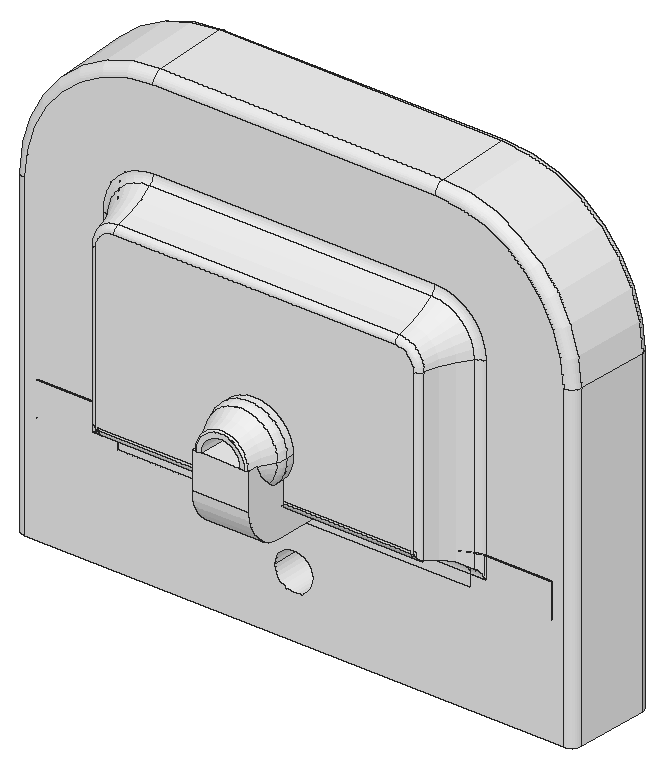
Revit family "Basin-Wallmount-Rectangle-DXV-Equility-D20175001", category Plumbing Fixtures, host Face, Revit 2014
Parameters (values of type "D20175001")
  Width = 22"  # constant formula
  Warranty Documentation Link = "https://www.dxv.com/-/media/files/dxv/warranty/dxv_warranty_booklet.ashx"
  WFU = 2  # constant formula
  Vent Connection = no
  URL = "http://www.dxv.com/"
  Type Comments = ""
  Product Page URL = "https://www.dxv.com/product/equility-22-inch-single-hole-wall-hung-bathroom-sink-projects-model"
  Product Documentation Link = "https://dxv01.blob.core.windows.net/dxv-product-pdf-files/7302072-100_DXV_Equility_wh_lav_D20075_WEB_EN.pdf"
  Price = "Prices may vary. Please consult Manufacturer Representative for most up-to-date price list."  # constant formula
  Model = "D20175001"
  Material = "Porcelain-DXV-Canvas White"
  HWFU = 1.5  # constant formula
  Finish = Porcelain-DXV-Canvas White
  Manufacturer = "DVX"  # constant formula
  Length = 18"  # constant formula
  Installation Type = "Wall Mounted"  # constant formula
  Height = 7 1/16"  # constant formula
  Description = "Equility Wall-Hung Bathroom Sink"  # constant formula
  Default Elevation = 34"  # constant formula
  Creation Date = "12/24/2018"  # constant formula
  CWFU = 1.5  # constant formula
  Assembly Code = "D2010310"
Reference planes (in)
  plane 1 "Center (Front/Back)": y = 0
  plane 2: z = 0
  plane 3 "Center (Left/Right)": x = 0
  plane 4: x = 11
  plane 5: z = 18
  plane 6: x = -11
  plane 7: y = -7.0625
  plane 8: z = 16.80982
  plane 9: z = 4.43482
  plane 10: z = 2.4375
  plane 11: z = 7.875
  plane 12: x = -9.875
  plane 13: x = 9.875
Forms (in)
  Sweep 1, solid, material "Porcelain-DXV-Canvas White" <- "Finish"
    path origin (0, 0, 0) x (1, 0, 0) y (0, 0, 1)
      loop
        line (11, 0) -> (11, 12.5)
        arc (11, 12.5) -> (9.38909, 16.38909) -> (5.5, 18) r 5.5
        line (5.5, 18) -> (-5.5, 18)
        arc (-5.5, 18) -> (-9.38909, 16.38909) -> (-11, 12.5) r 5.5
        line (-11, 12.5) -> (-11, 0)
    profile origin (-11, 0, 6.25) x (0, -1, 0) y (1, 0, 0)
      loop
        line (3.48297, 0.56012) -> (0, 0.56012) -> (0, 0.25888)
        arc (0, 0.25888) -> (0.07634, 0.07905) -> (0.25872, 0.00903) r 0.25
        line (0.25872, 0.00903) -> (3.09394, 0.10804)
        arc (3.09394, 0.10804) -> (3.36984, 0.23088) -> (3.48297, 0.5109) r 0.4031
        line (3.48297, 0.5109) -> (3.48297, 0.56012)
  Sweep 2, solid, material "Porcelain-DXV-Canvas White" <- "Finish"
    path origin (0, 0, 0) x (1, 0, 0) y (0, 0, 1)
      loop
        line (9.875, 0.75) -> (9.875, 12.41493)
        arc (9.875, 12.41493) -> (8.58777, 15.52258) -> (5.48011, 16.80982) r 4.39489
        line (5.48011, 16.80982) -> (-5.48047, 16.80982)
        arc (-5.48047, 16.80982) -> (-8.58787, 15.52269) -> (-9.875, 12.41529) r 4.39453
        line (-9.875, 12.41529) -> (-9.875, 0.25)
    profile origin (-9.875, 0, 6.33264) x (-1, 0, 0) y (0, -1, 0)
      loop
        arc (-3.43527, 5.19997) -> (-3.52041, 5.3492) -> (-3.68176, 5.40823) r 0.25
        line (-3.68176, 5.40823) -> (-3.7766, 5.40823) -> (-3.7766, 4.46859) -> (-3.64582, 4.46859)
        arc (-3.64582, 4.46859) -> (-3.62217, 4.46233) -> (-3.60472, 4.44521) r 0.04781
        arc (-3.60472, 4.44521) -> (-1.98722, 2.12041) -> (-0.05443, 0.05032) r 19.7887
        arc (-0.05443, 0.05032) -> (0.00491, 0.01303) -> (0.07377, 0) r 0.18847
        line (0.07377, 0) -> (0.1573, 0) -> (0.1573, 3.48297) -> (-2.39825, 3.48297)
        arc (-2.39825, 3.48297) -> (-2.58939, 3.52664) -> (-2.74259, 3.64899) r 0.44011
        arc (-2.74259, 3.64899) -> (-3.18727, 4.38056) -> (-3.43527, 5.19997) r 3.40254
  Extrusion 3, solid, material "Porcelain-DXV-Canvas White" <- "Finish"
    sketch origin (0, 0, 0) x (0, 1, 0) y (0, 0, 1)
      loop
        arc (-5.19997, 5.81249) -> (-4.38056, 5.5645) -> (-3.64899, 5.11982) r 3.40254
        arc (-3.64899, 5.11982) -> (-3.52664, 4.96662) -> (-3.48297, 4.77548) r 0.44011
        line (-3.48297, 4.77548) -> (-3.48297, 4.28243) -> (0, 4.28243) -> (0, 4.34246)
        arc (0, 4.34246) -> (-0.02668, 4.43885) -> (-0.09912, 4.50782) r 0.1875
        arc (-0.09912, 4.50782) -> (-2.28875, 5.18576) -> (-4.43911, 5.97951) r 42.9634
        arc (-4.43911, 5.97951) -> (-4.46053, 5.99675) -> (-4.46859, 6.02303) r 0.04688
        line (-4.46859, 6.02303) -> (-4.46859, 6.15382) -> (-5.40823, 6.15382) -> (-5.40823, 6.05898)
        arc (-5.40823, 6.05898) -> (-5.3492, 5.89764) -> (-5.19997, 5.81249) r 0.25
    from -10.18355 to 10.21567
  Extrusion 4, void
    sketch origin (0, 0, 0) x (0, 1, 0) y (0, 0, 1)
      loop
        line (-5.40823, 6.05898) -> (-5.40823, 6.53243) -> (-5.90823, 6.53243) -> (-5.90823, 0) -> (0, 0) -> (0, 4.28243) -> (-3.48297, 4.28243) -> (-3.48297, 4.77548)
        arc (-3.48297, 4.77548) -> (-3.52664, 4.96662) -> (-3.64899, 5.11982) r 0.44011
        arc (-3.64899, 5.11982) -> (-4.38056, 5.5645) -> (-5.19997, 5.81249) r 3.40254
        arc (-5.19997, 5.81249) -> (-5.3492, 5.89764) -> (-5.40823, 6.05898) r 0.25
    from -10.43988 to 10.43988
  Extrusion 5, void
    sketch origin (0, 0, 0) x (1, 0, 0) y (0, 1, 0)
      loop
        arc (-7.13241, -3.64899) -> (-7.28561, -3.52664) -> (-7.47675, -3.48297) r 0.44011
        line (-7.47675, -3.48297) -> (-10.0323, -3.48297) -> (-10.0323, 0) -> (-10.35611, 0) -> (-10.35611, -5.65823) -> (-6.19324, -5.65823) -> (-6.19324, -5.40823)
        arc (-6.19324, -5.40823) -> (-6.35459, -5.3492) -> (-6.43973, -5.19997) r 0.25
        arc (-6.43973, -5.19997) -> (-6.68773, -4.38056) -> (-7.13241, -3.64899) r 3.40254
      loop
        arc (7.13241, -3.64899) -> (6.68773, -4.38056) -> (6.43973, -5.19997) r 3.40254
        arc (6.43973, -5.19997) -> (6.35459, -5.3492) -> (6.19324, -5.40823) r 0.25
        line (6.19324, -5.40823) -> (6.19324, -5.65823) -> (10.35611, -5.65823) -> (10.35611, 0) -> (10.0323, 0) -> (10.0323, -3.48297) -> (7.47675, -3.48297)
        arc (7.47675, -3.48297) -> (7.28561, -3.52664) -> (7.13241, -3.64899) r 0.44011
    from 2.4375 to 6.48192
  Extrusion 6, solid, material "Porcelain-DXV-Canvas White" <- "Finish"
    sketch origin (0, 0, 0) x (1, 0, 0) y (0, 0, 1)
      loop
        arc (10.43988, 12.5) -> (8.99302, 15.99302) -> (5.5, 17.43988) r 4.93988
        line (5.5, 17.43988) -> (-5.5, 17.43988)
        arc (-5.5, 17.43988) -> (-8.99302, 15.99302) -> (-10.43988, 12.5) r 4.93988
        line (-10.43988, 12.5) -> (-10.43988, 0) -> (10.43988, 0) -> (10.43988, 12.5)
      loop
        circle (0, 2.4375) r 0.75
      loop
        line (10.0323, 4.28243) -> (10.0323, 12.41493)
        arc (10.0323, 12.41493) -> (8.699, 15.63381) -> (5.48011, 16.96712) r 4.55219
        line (5.48011, 16.96712) -> (-5.48047, 16.96712)
        arc (-5.48047, 16.96712) -> (-8.6991, 15.63392) -> (-10.0323, 12.41529) r 4.55183
        line (-10.0323, 12.41529) -> (-10.0323, 4.28243) -> (10.0323, 4.28243)
    from 0 to 3.48297
  Extrusion 7, solid, material "Porcelain-DXV-Canvas White" <- "Finish"
    sketch origin (0, 0, 0) x (1, 0, 0) y (0, 0, 1)
      loop
        arc (6.0984, 12.41493) -> (5.91731, 12.85213) -> (5.48011, 13.03322) r 0.61829
        line (5.48011, 13.03322) -> (-5.48047, 13.03322)
        arc (-5.48047, 13.03322) -> (-5.91741, 12.85223) -> (-6.0984, 12.41529) r 0.61793
        line (-6.0984, 12.41529) -> (-6.0984, 6.15382) -> (6.0984, 6.15382) -> (6.0984, 12.41493)
      loop
        circle (0, 7.875) r 0.75
    from 4.46859 to 5.40823
  Revolve 8, solid, material "Porcelain-DXV-Canvas White" <- "Finish"
    sketch origin (0, 0, 7.875) x (1, 0, 0) y (0, 1, 0)
      loop
        line (-0.75, -5.40823) -> (-1.5, -5.40823) -> (-1.5, -5.70041)
        arc (-1.5, -5.70041) -> (-1.47374, -5.89008) -> (-1.39694, -6.06548) r 0.69815
        arc (-1.39694, -6.06548) -> (-1.16608, -6.52109) -> (-1.01197, -7.00805) r 3.14651
        arc (-1.01197, -7.00805) -> (-0.98732, -7.04722) -> (-0.94363, -7.0625) r 0.07011
        line (-0.94363, -7.0625) -> (-0.75, -7.0625) -> (-0.75, -5.40823)
      axis (0, -5.40823) -> (0, -7.0625)
    angle from 0 to 360
  Extrusion 9, solid, material "Porcelain-DXV-Canvas White" <- "Finish"
    sketch origin (0, 0, 0) x (0, 1, 0) y (0, 0, 1)
      loop
        line (-7.0625, 7.875) -> (-7.0625, 6.43583)
        arc (-7.0625, 6.43583) -> (-6.60534, 5.33216) -> (-5.50167, 4.875) r 1.56083
        line (-5.50167, 4.875) -> (-3.48297, 4.875) -> (-3.48297, 5.44755) -> (-4.88515, 6.01406) -> (-4.88515, 7.875) -> (-7.0625, 7.875)
    from -1.10359 to 1.10359
Cuts and joins
  Extrusion 4, Extrusion 5 cuts Extrusion 3
  Extrusion 4 cuts Sweep 1
  Extrusion 4, Extrusion 5 cuts Sweep 2
  joined: Sweep 1, Sweep 2, Extrusion 6, Extrusion 7, Revolve 8, Extrusion 9
Lines and regions (in)
  Masking region 1
    outline origin (0, 0, 0) x (1, 0, 0) y (0, 0, 1)
      loop
        line (5.5, 18) -> (-5.5, 18)
        arc (-5.5, 18) -> (-9.38909, 16.38909) -> (-11, 12.5) r 5.5
        line (-11, 12.5) -> (-11, 0) -> (11, 0) -> (11, 12.5)
        arc (11, 12.5) -> (9.38909, 16.38909) -> (5.5, 18) r 5.5
  symbolic lines, detail levels medium+fine
    curve 1: line (9.875, 0, 4.43482) -> (9.875, 0, 12.30982)
    curve 2: line (5.375, 0, 16.80982) -> (-5.375, 0, 16.80982)
    curve 3: line (-9.875, 0, 12.30982) -> (-9.875, 0, 4.43482)
    curve 4: line (-9.875, 0, 4.43482) -> (9.875, 0, 4.43482)
    curve 5: arc (9.875, 0, 12.30982) -> (8.55698, 0, 15.4918) -> (5.375, 0, 16.80982) r 4.5
    curve 6: arc (-5.375, 0, 16.80982) -> (-8.55698, 0, 15.4918) -> (-9.875, 0, 12.30982) r 4.5
  symbolic lines, detail levels fine
    curve 7: circle (0, 0, 7.875) r 0.75 normal (0, -1, 0)
    curve 8: circle (0, 0, 2.4375) r 0.75 normal (0, -1, 0)
Dimensions and locks (in)
  equal spacing: plane 6, plane 3 "Center (Left/Right)", plane 4
  "Width": plane 6 to plane 4
  "Length": level to plane 5
  "Height": plane 7 to plane 1 "Center (Front/Back)"
  locked: plane 9 to plane 8 at 12.375
  locked: plane 8 to plane 5 at 1.19018
  equal spacing: plane 13, plane 3 "Center (Left/Right)", plane 12
  locked: plane 13 to plane 12 at 19.75
  equal spacing: Extrusion 9, plane 3 "Center (Left/Right)", Extrusion 9
  aligned and locked: plane 2 to host face
  aligned and locked: level to host face
  aligned and locked: plane 6 to Masking region 1 sketch curve
Automatic sketch dimensions
  curve 3 to plane 9 = 0"
  plane 12 to curve 3 = 0"
  curve 2 to plane 8 = 0"
  curve 7 to plane 3 "Center (Left/Right)" = 0"
  curve 8 to plane 3 "Center (Left/Right)" = 0"
  curve 4 to plane 13 = 0"
  curve 8 to plane 10 = 0"
  curve 7 to plane 11 = 0"
  curve 2 to plane 12 = 4 1/2"
  plane 11 to curve 5 = 4.43482"
  host sketch curve to host sketch curve = 96"  (x2)
  Sweep 1 sketch curve to level = 0"  (x2)
  Sweep 1 sketch curve to plane 6 = 0"
  Sweep 1 sketch curve to plane 5 = 0"
  plane 4 to Sweep 1 sketch curve = 0"
  Sweep 1 sketch curve to plane 12 = 4 3/8"
  Sweep 1 sketch curve to plane 8 = 4.30982"
  plane 1 "Center (Front/Back)" to Sweep 1 sketch curve = 0"
  Sweep 1 sketch curve to Sweep 1 sketch curve = 1/4"
  Sweep 1 sketch curve to profile plane = 0.00903"
  Sweep 1 sketch curve to Sweep 1 sketch curve = 0.00872"
  Sweep 1 sketch curve to profile plane = 0.5109"
  Sweep 1 sketch curve to Sweep 1 sketch curve = 2.82987"
  Sweep 1 sketch curve to profile plane = 0.10804"
  Sweep 1 sketch curve to Sweep 1 sketch curve = 0.01407"
  Sweep 1 sketch curve to Sweep 1 sketch curve = 0.30123"
  plane 12 to Sweep 2 sketch curve = 0"
  Sweep 2 sketch curve to plane 8 = 0"
  Sweep 2 sketch curve to plane 13 = 0"
  Sweep 2 sketch curve to plane 12 = 4 101/256"
  Sweep 2 sketch curve to plane 8 = 4.39489"
  level to Sweep 2 sketch curve = 3/4"
  level to Sweep 2 sketch curve = 1/4"
  plane 1 "Center (Front/Back)" to Sweep 2 sketch curve = 0"
  profile plane to Sweep 2 sketch curve = 3.7766"
  Sweep 2 sketch curve to Sweep 2 sketch curve = 0.09484"
  Sweep 2 sketch curve to Sweep 2 sketch curve = 0.13078"
  Sweep 2 sketch curve to Sweep 2 sketch curve = 1.24756"
  profile plane to Sweep 2 sketch curve = 0.08048"
  Sweep 2 sketch curve to profile plane = 0.07377"
  Sweep 2 sketch curve to profile plane = 0.1573"
  Sweep 2 sketch curve to profile plane = 13 13/32"
  plane 1 "Center (Front/Back)" to Sweep 2 sketch curve = 0.18847"
  Sweep 2 sketch curve to Sweep 2 sketch curve = 3.29451"
  Sweep 2 sketch curve to Sweep 2 sketch curve = 0.44011"
  Sweep 2 sketch curve to Sweep 2 sketch curve = 0.49769"
  Sweep 2 sketch curve to Sweep 2 sketch curve = 0.04781"
  Sweep 2 sketch curve to Sweep 2 sketch curve = 0.68964"
  Sweep 2 sketch curve to Sweep 2 sketch curve = 1/4"
  Sweep 2 sketch curve to Sweep 2 sketch curve = 2.28509"
  plane 1 "Center (Front/Back)" to Sweep 2 sketch curve = 14.55559"
  Sweep 2 sketch curve to Sweep 2 sketch curve = 0"  (x2)
  Extrusion 3 sketch curve to plane 1 "Center (Front/Back)" = 0"
  plane 9 to Extrusion 3 sketch curve = 0.09236"
  plane 1 "Center (Front/Back)" to Extrusion 3 sketch curve = 3/16"
  plane 9 to Extrusion 3 sketch curve = 0.15239"
  Extrusion 3 sketch curve to Extrusion 3 sketch curve = 3.29547"
  Extrusion 3 sketch curve to Extrusion 3 sketch curve = 0.44011"
  Extrusion 3 sketch curve to Extrusion 3 sketch curve = 0.49863"
  Extrusion 3 sketch curve to Extrusion 3 sketch curve = 3/64"
  Extrusion 3 sketch curve to Extrusion 3 sketch curve = 0.68964"
  Extrusion 3 sketch curve to Extrusion 3 sketch curve = 1/4"
  plane 10 to Extrusion 3 sketch curve = 0.02021"
  plane 7 to Extrusion 3 sketch curve = 1.29444"
  Extrusion 3 sketch curve to plane 1 "Center (Front/Back)" = 11.50843"
  Extrusion 3 sketch curve to plane 9 = 0.34066"
  Extrusion 3 sketch curve to Extrusion 3 sketch curve = 0.90321"
  Extrusion 3 sketch curve to Extrusion 3 sketch curve = 0.03595"
  Extrusion 3 sketch curve to Extrusion 3 sketch curve = 0.09484"
  plane 5 to Extrusion 3 sketch curve = 27.87349"
  Extrusion 3 sketch curve to plane 9 = 0.073"
  Extrusion 3 sketch curve to Extrusion 3 sketch curve = 0"
  Extrusion 4 sketch curve to level = 0"
  Extrusion 4 sketch curve to plane 1 "Center (Front/Back)" = 0"
  plane 9 to Extrusion 4 sketch curve = 0.15239"
  plane 1 "Center (Front/Back)" to Extrusion 4 sketch curve = 3.48297"
  Extrusion 4 sketch curve to Extrusion 4 sketch curve = 0.44011"
  Extrusion 4 sketch curve to Extrusion 4 sketch curve = 1.23515"
  Extrusion 4 sketch curve to Extrusion 4 sketch curve = 1/4"
  plane 10 to Extrusion 4 sketch curve = 0.02021"
  plane 7 to Extrusion 4 sketch curve = 1.29444"
  plane 7 to Extrusion 4 sketch curve = 1.15427"
  Extrusion 4 sketch curve to plane 9 = 0.34066"
  Extrusion 4 sketch curve to plane 9 = 1.62417"
  Extrusion 4 sketch curve to Extrusion 4 sketch curve = 0.47344"
  Extrusion 4 sketch curve to Extrusion 4 sketch curve = 0"
  plane 1 "Center (Front/Back)" to Extrusion 5 sketch curve = 0"  (x2)
  plane 12 to Extrusion 5 sketch curve = 0.48111"
  plane 12 to Extrusion 5 sketch curve = 0.1573"
  Extrusion 5 sketch curve to plane 12 = 0.08048"
  Extrusion 5 sketch curve to plane 12 = 2.39825"
  Extrusion 5 sketch curve to Extrusion 5 sketch curve = 1.2835"  (x2)
  plane 7 to Extrusion 5 sketch curve = 1.40427"  (x2)
  Extrusion 5 sketch curve to plane 13 = 3.68176"
  Extrusion 5 sketch curve to plane 13 = 0.08048"
  plane 13 to Extrusion 5 sketch curve = 0.1573"
  plane 13 to Extrusion 5 sketch curve = 0.48111"
  Extrusion 5 sketch curve to Extrusion 5 sketch curve = 0.10983"
  plane 7 to Extrusion 5 sketch curve = 1.29444"
  Extrusion 5 sketch curve to Extrusion 5 sketch curve = 1/4"  (x4)
  Extrusion 5 sketch curve to Extrusion 5 sketch curve = 1.27689"  (x2)
  Extrusion 5 sketch curve to Extrusion 5 sketch curve = 0.44011"
  Extrusion 5 sketch curve to Extrusion 5 sketch curve = 2.17526"
  Extrusion 5 sketch curve to Extrusion 5 sketch curve = 0"  (x2)
  Extrusion 6 sketch curve to level = 0"
  Extrusion 6 sketch curve to plane 3 "Center (Left/Right)" = 0"
  Extrusion 6 sketch curve to plane 10 = 0"
  plane 8 to Extrusion 6 sketch curve = 0.1573"
  Extrusion 6 sketch curve to plane 12 = 4 101/256"
  Extrusion 6 sketch curve to Extrusion 6 sketch curve = 5/256"
  plane 12 to Extrusion 6 sketch curve = 0.1573"
  Extrusion 6 sketch curve to Extrusion 6 sketch curve = 0.40758"
  Extrusion 6 sketch curve to plane 13 = 4.39489"
  Extrusion 6 sketch curve to Extrusion 6 sketch curve = 0.01989"
  plane 13 to Extrusion 6 sketch curve = 0.1573"
  plane 4 to Extrusion 6 sketch curve = 0.56012"
  plane 9 to Extrusion 6 sketch curve = 0.15239"
  Extrusion 6 sketch curve to Extrusion 6 sketch curve = 0.08471"
  Extrusion 7 sketch curve to plane 3 "Center (Left/Right)" = 0"
  Extrusion 7 sketch curve to plane 11 = 0"
  Extrusion 7 sketch curve to plane 12 = 4 101/256"
  Extrusion 7 sketch curve to plane 9 = 1.71901"
  Extrusion 7 sketch curve to plane 12 = 3.7766"
  Extrusion 7 sketch curve to plane 13 = 4.39489"
  Extrusion 7 sketch curve to plane 13 = 3.7766"
  Extrusion 7 sketch curve to plane 8 = 4.39489"
  Masking region 1 sketch curve to plane 5 = 0"
  Masking region 1 sketch curve to level = 0"
  plane 4 to Masking region 1 sketch curve = 0"
  Masking region 1 sketch curve to plane 8 = 4.30982"  (x2)
  Revolve 8 sketch curve to plane 7 = 0"
  Revolve 8 sketch curve to plane 3 "Center (Left/Right)" = 0"
  Revolve 8 sketch curve to plane 3 "Center (Left/Right)" = 3/4"
  Revolve 8 sketch curve to Revolve 8 sketch curve = 0.05185"
  plane 7 to Revolve 8 sketch curve = 0.07011"
  Revolve 8 sketch curve to Revolve 8 sketch curve = 0.19363"
  Revolve 8 sketch curve to Revolve 8 sketch curve = 3/4"
  Revolve 8 sketch curve to plane 7 = 0.64832"
  Revolve 8 sketch curve to Revolve 8 sketch curve = 3.13536"
  plane 7 to Revolve 8 sketch curve = 1.36209"
  Revolve 8 sketch curve to Revolve 8 sketch curve = 0.29218"
  Revolve 8 sketch curve to Revolve 8 sketch curve = 0"
  Revolve 8 sketch curve to Revolve 8 sketch curve = 0.16902"
  Revolve 8 sketch curve to Revolve 8 sketch curve = 0.39833"
  Extrusion 9 sketch curve to plane 7 = 0"
  Extrusion 9 sketch curve to plane 11 = 0"
  Extrusion 9 sketch curve to Extrusion 9 sketch curve = 1.56083"
  Extrusion 9 sketch curve to Extrusion 9 sketch curve = 0.61652"
  Extrusion 9 sketch curve to plane 9 = 0.44018"
  Extrusion 9 sketch curve to Extrusion 9 sketch curve = 1.40218"
  Extrusion 9 sketch curve to Extrusion 9 sketch curve = 0.57255"
  Extrusion 9 sketch curve to Extrusion 9 sketch curve = 0.42177"
  radius of curve 7 = 3/4"
  radius of curve 8 = 3/4"
  radius of Extrusion 6 sketch curve = 3/4"
  radius of Extrusion 7 sketch curve = 3/4"
